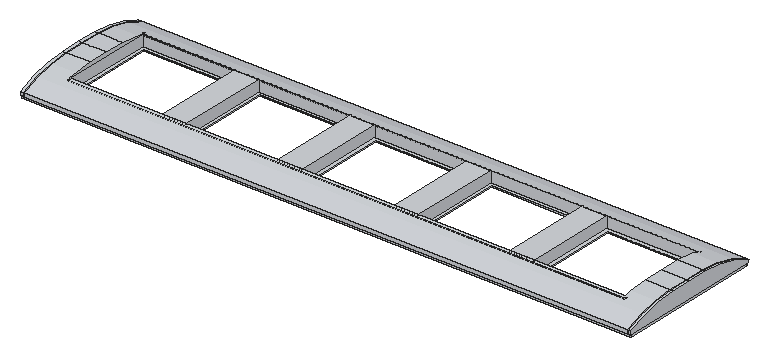
Revit family "Gira_0215738", category Electrical Fixtures, host Face, Revit 2017
Family settings
  Host = Face
  Maintain Annotation Orientation = No
  Round Connector Dimension = Use Diameter
  Part Type = Normal
  Cut with Voids When Loaded = No
  Shared = No
  Room Calculation Point = No
Parameters (values of type "Abdeckrahmen 5f Zwischenr. AN Gira Event Klar Schwarz")
  Werkstoffgüte = "Thermoplast"
  Werkstoff = "Kunststoff"
  URL = "http://katalog.gira.de/de_DE/datenblatt.html?artikelnr=0215738"
  Transparent = "No"
  Textfeld/Beschriftungsfläche = "No"
  Schutzart (IP) = "IP20"
  Region = "DE"
  Oberfläche = "sonstige"
  Name = "Abdeckrahmen 5f Zwischenr. AN Gira Event Klar Schwarz"
  Montagerichtung = "horizontal und vertikal"
  Mit Montagerahmen = "No"
  Mit Klappdeckel = "No"
  Manufacturer URL = "https://www.gira.de/"
  Keynote = "Event_Rahmen_5fach"
  HeinzeBIM = "https://bimportal.heinze.de/bim/abdeckrahmen-5f-zwischenr-an-gira-event-klar-schwarz/ec76dc78db26e05c06d69875027e77934a04925e"
  Halogenfrei = "Yes"
  HAN = "0215738"
  Geeignet für Unterputz-Installation = "Yes"
  Geeignet für Unterflurkanaldose = "No"
  Geeignet für Geräteeinbaukanal = "No"
  Geeignet für Einbauinstallation = "No"
  GTIN = "4010337068945"
  Farbe = "schwarz"
  Default Elevation = 1219.2 mm
  Data sheet (1) = "https://katalog.gira.de/de_DE/download.html?artikelnr=0215738"
  Category = "Abdeckrahmen"
  Befestigungsart = "Klemmbefestigung"
  Available = "Yes"
  Ausführung der Oberfläche = "glänzend"
  Anzahl der Einheiten vertikal = "5 "
  Anzahl der Einheiten horizontal = "5 "
  Anzahl der Einheiten = "5 "
Reference planes
  plane 1 "Center (Front/Back)": y = 0
  plane 2: z = 0
  plane 3 "Center (Left/Right)": x = 0
Forms (mm)
  Extrusion 1, solid, detail levels fine
    sketch origin (0, 0, 0.05) x (0, 1, 0) y (0, 0, 1)
      loop
        arc (12.445, 9.683) -> (6.223, 9.833) -> (0, 9.85) r 291.636
        arc (0, 9.85) -> (-6.223, 9.833) -> (-12.445, 9.683) r 291.636
        arc (-12.445, 9.683) -> (-29.14, 7.482) -> (-45, 1.823) r 79.728
        line (-45, 1.823) -> (-45, -0.05) -> (-42.086, -0.05)
        arc (-42.086, -0.05) -> (-21.385, 5.559) -> (0, 7.206) r 114.424
        arc (0, 7.206) -> (21.385, 5.559) -> (42.086, -0.05) r 114.424
        line (42.086, -0.05) -> (45, -0.05) -> (45, 1.823)
        arc (45, 1.823) -> (29.14, 7.482) -> (12.445, 9.683) r 79.728
    from -185.578 to 185.593
  Extrusion 2, void, detail levels fine
    sketch origin (0, 0, 0) x (1, 0, 0) y (0, 1, 0)
      loop
        line (170.607, 28) -> (-170.593, 28) -> (-170.593, -28) -> (170.607, -28) -> (170.607, 28)
    from 0.724 to 11
  Extrusion 3, solid, detail levels coarse
    sketch origin (0, 0, 0) x (1, 0, 0) y (0, 1, 0)
      loop
        line (-187.578, 45) -> (-187.578, -45) -> (187.593, -45) -> (187.593, 45) -> (-187.578, 45)
    from -1.5 to 9.9
  Extrusion 4, solid, detail levels medium
    sketch origin (0, 0, 0.05) x (0, 1, 0) y (0, 0, 1)
      loop
        arc (12.445, 9.683) -> (6.223, 9.833) -> (0, 9.85) r 291.636
        arc (0, 9.85) -> (-6.223, 9.833) -> (-12.445, 9.683) r 291.636
        arc (-12.445, 9.683) -> (-29.14, 7.482) -> (-45, 1.823) r 79.728
        line (-45, 1.823) -> (-45, -0.05) -> (45, -0.05) -> (45, 1.823)
        arc (45, 1.823) -> (29.14, 7.482) -> (12.445, 9.683) r 79.728
    from -187.578 to 187.593
  Extrusion 5, solid, detail levels fine
    sketch origin (-142.578, 0, -1.5) x (0, 1, 0) y (0, 0, -1)
      loop
        line (45, -3.373) -> (45, -1.5) -> (-45, -1.5) -> (-45, -3.373)
        arc (-45, -3.373) -> (-29.14, -9.032) -> (-12.445, -11.233) r 79.728
        arc (-12.445, -11.233) -> (-6.223, -11.383) -> (0, -11.4) r 291.636
        arc (0, -11.4) -> (6.223, -11.383) -> (12.445, -11.233) r 291.636
        arc (12.445, -11.233) -> (29.14, -9.032) -> (45, -3.373) r 79.728
    from 43 to 45
  Extrusion 6, solid, detail levels fine
    sketch origin (0, 0, 0) x (1, 0, 0) y (0, 1, 0)
      loop
        line (-168.493, 25.7) -> (-168.493, -25.7) -> (-116.693, -25.7) -> (-116.693, 25.7) -> (-168.493, 25.7)
      loop
        line (-45.398, -25.7) -> (-45.398, 25.7) -> (-97.198, 25.7) -> (-97.198, -25.7) -> (-45.398, -25.7)
      loop
        line (-171.487, 28.49) -> (-171.487, -28.495)
        spline (-171.487, -28.495) -> (-171.479, -28.625) -> (-171.453, -28.754) -> (-171.411, -28.878) -> (-171.353, -28.995) -> (-171.281, -29.104) -> (-171.194, -29.202) -> (-171.096, -29.288) -> (-170.987, -29.361) -> (-170.87, -29.419) -> (-170.746, -29.461) -> (-170.618, -29.486) -> (-170.487, -29.495)
        line (-170.487, -29.495) -> (170.502, -29.495)
        spline (170.502, -29.495) -> (170.633, -29.486) -> (170.761, -29.461) -> (170.885, -29.419) -> (171.002, -29.361) -> (171.111, -29.288) -> (171.209, -29.202) -> (171.296, -29.104) -> (171.368, -28.995) -> (171.426, -28.878) -> (171.468, -28.754) -> (171.494, -28.625) -> (171.502, -28.495)
        line (171.502, -28.495) -> (171.502, 28.49)
        spline (171.502, 28.49) -> (171.494, 28.62) -> (171.468, 28.748) -> (171.426, 28.872) -> (171.368, 28.99) -> (171.296, 29.098) -> (171.209, 29.197) -> (171.111, 29.283) -> (171.002, 29.356) -> (170.885, 29.413) -> (170.761, 29.456) -> (170.633, 29.481) -> (170.502, 29.49)
        line (170.502, 29.49) -> (-170.487, 29.49)
        spline (-170.487, 29.49) -> (-170.618, 29.481) -> (-170.746, 29.456) -> (-170.87, 29.413) -> (-170.987, 29.356) -> (-171.096, 29.283) -> (-171.194, 29.197) -> (-171.281, 29.098) -> (-171.353, 28.99) -> (-171.411, 28.872) -> (-171.453, 28.748) -> (-171.479, 28.62) -> (-171.487, 28.49)
      loop
        line (25.902, -25.7) -> (25.902, 25.7) -> (-25.898, 25.7) -> (-25.898, -25.7) -> (25.902, -25.7)
      loop
        line (97.207, -25.7) -> (97.207, 25.7) -> (45.407, 25.7) -> (45.407, -25.7) -> (97.207, -25.7)
      loop
        line (168.507, -25.7) -> (168.507, 25.7) -> (116.707, 25.7) -> (116.707, -25.7) -> (168.507, -25.7)
    from 0.1 to 7.3
  Extrusion 7, solid
    sketch origin (0, 0, 0) x (1, 0, 0) y (0, 1, 0)
      loop
        arc (-187.293, -44.218) -> (-187.146, -44.572) -> (-186.793, -44.718) r 0.5
        line (-186.793, -44.718) -> (186.807, -44.718)
        arc (186.807, -44.718) -> (187.161, -44.572) -> (187.307, -44.218) r 0.5
        line (187.307, -44.218) -> (187.307, 44.182)
        arc (187.307, 44.182) -> (187.161, 44.535) -> (186.807, 44.682) r 0.5
        line (186.807, 44.682) -> (-186.793, 44.682)
        arc (-186.793, 44.682) -> (-187.146, 44.535) -> (-187.293, 44.182) r 0.5
        line (-187.293, 44.182) -> (-187.293, -44.218)
      loop
        line (-185.593, 42.982) -> (-185.593, -43.018) -> (185.607, -43.018) -> (185.607, 42.982) -> (-185.593, 42.982)
    from -1.5 to 0.5
  Extrusion 8, solid, detail levels fine
    sketch origin (142.593, 0, -1.5) x (0, 1, 0) y (0, 0, 1)
      loop
        arc (45, 3.373) -> (29.14, 9.032) -> (12.445, 11.233) r 79.728
        arc (12.445, 11.233) -> (6.223, 11.383) -> (0, 11.4) r 291.636
        arc (0, 11.4) -> (-6.223, 11.383) -> (-12.445, 11.233) r 291.636
        arc (-12.445, 11.233) -> (-29.14, 9.032) -> (-45, 3.373) r 79.728
        line (-45, 3.373) -> (-45, 1.5) -> (45, 1.5) -> (45, 3.373)
    from 43 to 45
  Extrusion 9, solid, detail levels medium
    sketch origin (0, 0, 0) x (1, 0, 0) y (0, 1, 0)
      loop
        line (-187.293, -44.718) -> (187.307, -44.718) -> (187.307, 44.682) -> (-187.293, 44.682) -> (-187.293, -44.718)
    from -1.5 to 0.5
  Extrusion 10, solid, detail levels fine
    sketch origin (-105.5, 0, 0) x (1, 0, 0) y (0, 1, 0)
      loop
        line (-8.943, 28.063) -> (-8.943, -27.937) -> (6.057, -27.937) -> (6.057, 28.063) -> (-8.943, 28.063)
    from 0.724 to 7.566
  Extrusion 11, solid, detail levels fine
    sketch origin (-37.085, 0, 0) x (-1, 0, 0) y (0, -1, 0)
      loop
        line (-8.943, -28.063) -> (6.057, -28.063) -> (6.057, 27.937) -> (-8.943, 27.937) -> (-8.943, -28.063)
    from 0.724 to 7.566
  Extrusion 12, solid, detail levels fine
    sketch origin (105.5, 0, 0) x (-1, 0, 0) y (0, -1, 0)
      loop
        line (-8.943, -28.063) -> (6.057, -28.063) -> (6.057, 27.937) -> (-8.943, 27.937) -> (-8.943, -28.063)
    from 0.724 to 7.566
  Extrusion 13, solid, detail levels fine
    sketch origin (37.085, 0, 0) x (1, 0, 0) y (0, 1, 0)
      loop
        line (-8.943, 28.063) -> (-8.943, -27.937) -> (6.057, -27.937) -> (6.057, 28.063) -> (-8.943, 28.063)
    from 0.724 to 7.566
Cuts and joins
  Extrusion 2 cuts Extrusion 1
  Extrusion 2 cuts Extrusion 6
Dimensions and locks
  aligned and locked: plane 2 to host face
  aligned and locked: level to host face
